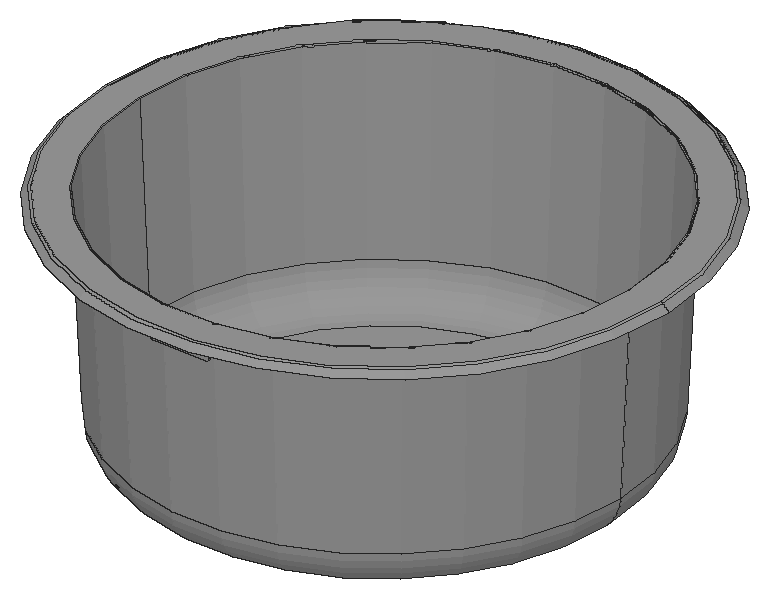
Revit family "Reece_Sink_Posh_Solus_Inset or Undermount Sink_Single Bowl_Round", category Plumbing Fixtures, host Face, Revit 2018
Family settings
  Host = Face
  Round Connector Dimension = Use Diameter
  Part Type = Normal
  Cut with Voids When Loaded = No
  Shared = Yes
  Room Calculation Point = Yes
Parameters (values of type "0 Taphole_Stainless Steel")
  WFU = 0  # constant formula
  URL = "https://www.reece.com.au/product/-9508917"
  Type Comments = "Undermount Sink"
  Reece_Sink_is_Undermount [instance] = no
  Reece_Sink_Undermount_Offset [instance] = 20 mm
  Reece_Sink_Undermount_Offset_formula [instance] = if(Reece_Sink_Undermount_Offset < 0 mm, 0 mm, if(Reece_Sink_is_Undermount, Reece_Sink_Undermount_Offset + Reece_Sink_Lip Thickness, 0 mm))  # 0 mm
  Reece_Sink_Type = 0 Taphole_No Drainer_Stainless Steel : No Taphole_No Drainer_Stainless Steel
  Reece_Sink_Outlet = 40 mm  # constant formula
  Reece_Sink_Lip Thickness = 5 mm  # constant formula
  Reece_Product_Web Page = "https://www.reece.com.au/product/-9508917"
  Reece_Product_Type = "Undermount Sink"  # constant formula
  Reece_Product_Sub Brand = "Solus"  # constant formula
  Reece_Product_Number = "9508917"
  Reece_Product_Mount = "Inset / Undermount"
  Reece_Product_Description = "Posh Solus Round Inset/Undermount Sink No Taphole 430mm Stainless Steel"
  Reece_Product_Brand = "Posh"  # constant formula
  Reece_Overall_Width = 430 mm  # constant formula
  Reece_Overall_Length = 430 mm  # constant formula
  Reece_Overall_Height = 180 mm  # constant formula
  Reece_Overall_Capacity = 17.00 L  # constant formula
  Reece_Material_Secondary = Reece_Metal_Steel
  Reece_Material_Main = Reece_Metal_Steel
  Reece_Detail_Installation = "Inset/ Undermount"  # constant formula
  Reece_Detail_Disclaimer = "THIS FILE IS THE PROPERTY OF THE REECE GROUP. IT MAY NOT BE REPRODUCED, REVERSE-ENGINEERED OR MODIFIED. ANY REPUBLICATION, TRANSMISSION OR DISTRIBUTION FOR THE PURPOSE OF COMMERCIALLY EXPLOITING THE FILES IS PROHIBITED."  # constant formula
  Reece_Detail_Connector = "No Taphole"  # constant formula
  Reece_Detail_Additional = "No Overflow"  # constant formula
  Model = "Solus"
  Manufacturer = "Posh"
  Keynote = "Product #9508917, Reece_Sink_Posh_Solus_Inset or Undermount Sink_Single Bowl_Round - 0 Taphole_Stainless Steel"
  HWFU = 0  # constant formula
  Disclaimer = "THIS FILE IS THE PROPERTY OF THE REECE GROUP. IT MAY NOT BE REPRODUCED, REVERSE-ENGINEERED OR MODIFIED. ANY REPUBLICATION, TRANSMISSION OR DISTRIBUTION FOR THE PURPOSE OF COMMERCIALLY EXPLOITING THE FILES IS PROHIBITED."  # constant formula
  Description = "Single Bowl\r\n\r\n"
  Default Elevation = 0 mm
  CWFU = 0  # constant formula
Reference planes
  plane 1 "Center (Front/Back)": y = -79.125
  plane 2 "Top of surface": z = 0
  plane 3 "Center (Left/Right)": x = 0
  plane 4 "Lip": z = 0
  plane 5 "Top of void": z = 10
  plane 6: z = -175
  plane 7: x = -215
  plane 8: x = 215
  plane 9: y = 135.875
  plane 10: y = -294.125
  plane 11 "Top of Sink": z = 5
  plane 12: z = -209.568
Forms (mm)
  Extrusion 1, void
    sketch origin (0, 0, 0) x (1, 0, 0) y (0, 1, 0)
      loop
        circle (0.047, -79.125) r 185.963
    from -209.568 to 0
Text (mm)
  text "Reece Copyright © 2018, Reece Ltd." at (-902.343, -740.328, 0), in view "Ref. Level"
  text "Reece ©" at (44.384, 258.95, 192.345), in view "Reece Preview"
Dimensions and locks
  "Reece_Sink_Undermount_Offset_formula": plane 2 "Top of surface" to plane 4 "Lip"
  locked: plane 5 "Top of void" to plane 2 "Top of surface" at 10
  "Reece_Overall_Length": plane 7 to plane 8
  "Reece_Overall_Width": plane 9 to plane 10
  "Reece_Overall_Height": plane 11 "Top of Sink" to plane 6
  locked: plane 11 "Top of Sink" to plane 4 "Lip" at 5
  locked: plane 6 to plane 12 at 34.568
  aligned and locked: plane 2 "Top of surface" to host face
  aligned and locked: level to host face
  aligned and locked: plane 3 "Center (Left/Right)" to nested 1
  aligned and locked: level to Extrusion 1
  aligned and locked: Extrusion 1 to plane 12
  aligned and locked: plane 2 "Top of surface" to Extrusion 1
Automatic sketch dimensions
  host sketch curve to host sketch curve = 801.051 mm
  host sketch curve to host sketch curve = 660.299 mm
  plane 1 "Center (Front/Back)" to Extrusion 1 sketch curve = 0 mm
  plane 3 "Center (Left/Right)" to Extrusion 1 sketch curve = 0.047 mm
  radius of Extrusion 1 sketch curve = 185.963 mm
Nested families
  nested 1: "0 Taphole_No Drainer_Stainless Steel" at (0, 0, 0), type <- "Reece_Sink_Type", Reece_Material_Main <- "Reece_Material_Main", Reece_Material_Secondary <- "Reece_Material_Secondary", type "No Taphole_No Drainer_Stainless Steel"
    with Reece_Material_Secondary Reece_Metal_Steel, Reece_Material_Main Reece_Metal_Steel
Connectors
  piping at (0.047, -79.125, -209.568), diameter 40, driven by "Reece_Sink_Outlet"
    settings: on nested 1, index 1, connector inside diameter 609.6 mm, connector length 0 mm, flow factor 0, pipe flow 0.0 L/s, pressure drop 0.0 Pa, fitting loss kfactor 0, connector angle 0.00°, fixture units 0, engagement length 0 mm, angle of deflection 0.00°, flow configuration 0, flow direction 2, fitting loss method 0, system type 16, joint type 0, gender type 0, connector reference index -1, connector utility 0, adjustable connector no, is connector primary yes, connector description ""
Definition of nested family "0 Taphole_No Drainer_Stainless Steel"
  Parameters (values of type "No Taphole_No Drainer_Stainless Steel")
    WFU = 0  # constant formula
    Reece_Sink_Outlet 1 = 40 mm  # constant formula
    Reece_Product_Web Page = "https://www.reece.com.au/product/-9508917"
    Reece_Product_Type = "Undermount Sink"  # constant formula
    Reece_Product_Sub Brand = "Solus"  # constant formula
    Reece_Product_Number = "9508917"
    Reece_Product_Mount = "Inset/ Undermount"  # constant formula
    Reece_Product_Description = "Single Bowl\r\n\r\n"  # constant formula
    Reece_Product_Brand = "Posh"  # constant formula
    Reece_Overall_Width = 430 mm  # constant formula
    Reece_Overall_Length = 430 mm  # constant formula
    Reece_Overall_Height = 180 mm  # constant formula
    Reece_Overall_Capacity = 17.00 L  # constant formula
    Reece_Material_Secondary [instance] = none
    Reece_Material_Main [instance] = none
    Reece_Detail_Installation = "Inset/ Undermount"  # constant formula
    Reece_Detail_Connector = "No Taphole"  # constant formula
    Reece_Detail_Additional = "No Overflow"  # constant formula
    HWFU = 0  # constant formula
    Default Elevation = 1000 mm
    CWFU = 0  # constant formula
  Reference planes
    plane 1 "Center (Front/Back)": y = -79.125
    plane 2 "Bottom": z = 0
    plane 3 "Center (Left/Right)": x = 0
    plane 4: y = 135.875
    plane 5: x = 215
    plane 6: x = -215
    plane 7: y = -294.125
    plane 8: z = -210.558
    plane 9: z = -180
    plane 10: z = 5
    plane 11: z = -175
  Forms (mm)
    Extrusion 1, solid
      sketch origin (619.2, -619.2, 0) x (1, 0, 0) y (0, 1, 0)
        loop
          line (-904.084, 839.2) -> (-904.084, 178.901) -> (-336.602, 178.901) -> (-336.602, 839.2) -> (-904.084, 839.2)
      from 0 to -216.096
    Sweep 2, solid, material <- "Reece_Material_Main"
      path origin (2.105, -18.968, 0) x (1, 0, 0) y (0, 1, 0)
        loop
          circle (-2.105, -60.156) r 185
      profile origin (0, 105.875, 0) x (0, -1, 0) y (0, 0, 1)
        loop
          line (50.875, -167.21) -> (37.452, -167.21)
          arc (37.452, -167.21) -> (16.801, -158.971) -> (7.493, -138.78) r 30
          line (7.493, -138.78) -> (0, 4.192)
          arc (0, 4.192) -> (-0.249, 4.764) -> (-0.827, 5) r 0.827
          line (-0.827, 5) -> (-23.964, 5)
          arc (-23.964, 5) -> (-24.921, 4.81) -> (-25.732, 4.268) r 2.5
          line (-25.732, 4.268) -> (-30, 0) -> (-28.586, 0) -> (-25.025, 3.561)
          arc (-25.025, 3.561) -> (-24.538, 3.886) -> (-23.964, 4) r 1.5
          line (-23.964, 4) -> (-0.991, 4) -> (6.494, -138.832)
          arc (6.494, -138.832) -> (16.113, -159.696) -> (37.452, -168.21) r 31
          line (37.452, -168.21) -> (50.875, -168.21) -> (50.875, -167.21)
    Extrusion 3, solid, material <- "Reece_Material_Main"
      sketch origin (-199.927, -100.044, 41.471) x (1, 0, 0) y (0, 1, 0)
        loop
          circle (199.927, 20.919) r 60
        loop
          circle (199.927, 20.919) r 134.125
      from -209.681 to -208.681
    Revolve 4, solid, material <- "Reece_Material_Main"
      sketch origin (0.047, -79.125, -28.01) x (1, 0, 0) y (0, 0, 1)
        loop
          line (18, -181.558) -> (20, -181.558) -> (20, -168.342)
          arc (20, -168.342) -> (33.772, -159.156) -> (45, -146.99) r 69.965
          line (45, -146.99) -> (42.511, -146.99)
          arc (42.511, -146.99) -> (31.445, -158.496) -> (18, -167.102) r 67.965
          line (18, -167.102) -> (18, -181.558)
        axis (0, -146.99) -> (0, -181.558)
      angle from 0 to 360
    Extrusion 5, void
      sketch origin (0.047, 0, 13.79) x (1, 0, 0) y (0, 1, 0)
        loop
          arc (-31.713, -77.625) -> (-33.213, -79.125) -> (-31.713, -80.625) r 1.5
          line (-31.713, -80.625) -> (-21.713, -80.625)
          arc (-21.713, -80.625) -> (-20.213, -79.125) -> (-21.713, -77.625) r 1.5
          line (-21.713, -77.625) -> (-31.713, -77.625)
        loop
          arc (-29.287, -66.869) -> (-31.21, -67.765) -> (-30.313, -69.688) r 1.5
          line (-30.313, -69.688) -> (-20.916, -73.108)
          arc (-20.916, -73.108) -> (-18.994, -72.212) -> (-19.89, -70.289) r 1.5
          line (-19.89, -70.289) -> (-29.287, -66.869)
        loop
          arc (-23.329, -57.591) -> (-25.442, -57.776) -> (-25.257, -59.889) r 1.5
          line (-25.257, -59.889) -> (-17.597, -66.317)
          arc (-17.597, -66.317) -> (-15.484, -66.132) -> (-15.669, -64.019) r 1.5
          line (-15.669, -64.019) -> (-23.329, -57.591)
        loop
          arc (-14.557, -50.911) -> (-16.606, -50.362) -> (-17.155, -52.411) r 1.5
          line (-17.155, -52.411) -> (-12.155, -61.071)
          arc (-12.155, -61.071) -> (-10.106, -61.62) -> (-9.557, -59.571) r 1.5
          line (-9.557, -59.571) -> (-14.557, -50.911)
        loop
          arc (-4.03, -47.633) -> (-5.767, -46.417) -> (-6.984, -48.154) r 1.5
          line (-6.984, -48.154) -> (-5.248, -58.002)
          arc (-5.248, -58.002) -> (-3.51, -59.219) -> (-2.293, -57.481) r 1.5
          line (-2.293, -57.481) -> (-4.03, -47.633)
        loop
          line (31.713, -77.625) -> (21.713, -77.625)
          arc (21.713, -77.625) -> (20.213, -79.125) -> (21.713, -80.625) r 1.5
          line (21.713, -80.625) -> (31.713, -80.625)
          arc (31.713, -80.625) -> (33.213, -79.125) -> (31.713, -77.625) r 1.5
        loop
          line (29.287, -66.869) -> (19.89, -70.289)
          arc (19.89, -70.289) -> (18.994, -72.212) -> (20.916, -73.108) r 1.5
          line (20.916, -73.108) -> (30.313, -69.688)
          arc (30.313, -69.688) -> (31.21, -67.765) -> (29.287, -66.869) r 1.5
        loop
          line (23.329, -57.591) -> (15.669, -64.019)
          arc (15.669, -64.019) -> (15.484, -66.132) -> (17.597, -66.317) r 1.5
          line (17.597, -66.317) -> (25.257, -59.889)
          arc (25.257, -59.889) -> (25.442, -57.776) -> (23.329, -57.591) r 1.5
        loop
          line (14.557, -50.911) -> (9.557, -59.571)
          arc (9.557, -59.571) -> (10.106, -61.62) -> (12.155, -61.071) r 1.5
          line (12.155, -61.071) -> (17.155, -52.411)
          arc (17.155, -52.411) -> (16.606, -50.362) -> (14.557, -50.911) r 1.5
        loop
          line (4.03, -47.633) -> (2.293, -57.481)
          arc (2.293, -57.481) -> (3.51, -59.219) -> (5.248, -58.002) r 1.5
          line (5.248, -58.002) -> (6.984, -48.154)
          arc (6.984, -48.154) -> (5.767, -46.417) -> (4.03, -47.633) r 1.5
        loop
          line (-29.287, -91.381) -> (-19.89, -87.96)
          arc (-19.89, -87.96) -> (-18.994, -86.038) -> (-20.916, -85.141) r 1.5
          line (-20.916, -85.141) -> (-30.313, -88.561)
          arc (-30.313, -88.561) -> (-31.21, -90.484) -> (-29.287, -91.381) r 1.5
        loop
          line (-23.329, -100.658) -> (-15.669, -94.23)
          arc (-15.669, -94.23) -> (-15.484, -92.117) -> (-17.597, -91.932) r 1.5
          line (-17.597, -91.932) -> (-25.257, -98.36)
          arc (-25.257, -98.36) -> (-25.442, -100.473) -> (-23.329, -100.658) r 1.5
        loop
          line (-14.557, -107.339) -> (-9.557, -98.678)
          arc (-9.557, -98.678) -> (-10.106, -96.629) -> (-12.155, -97.178) r 1.5
          line (-12.155, -97.178) -> (-17.155, -105.839)
          arc (-17.155, -105.839) -> (-16.606, -107.888) -> (-14.557, -107.339) r 1.5
        loop
          line (-4.03, -110.616) -> (-2.293, -100.768)
          arc (-2.293, -100.768) -> (-3.51, -99.03) -> (-5.248, -100.247) r 1.5
          line (-5.248, -100.247) -> (-6.984, -110.095)
          arc (-6.984, -110.095) -> (-5.767, -111.833) -> (-4.03, -110.616) r 1.5
        loop
          arc (29.287, -91.381) -> (31.21, -90.484) -> (30.313, -88.561) r 1.5
          line (30.313, -88.561) -> (20.916, -85.141)
          arc (20.916, -85.141) -> (18.994, -86.038) -> (19.89, -87.96) r 1.5
          line (19.89, -87.96) -> (29.287, -91.381)
        loop
          arc (23.329, -100.658) -> (25.442, -100.473) -> (25.257, -98.36) r 1.5
          line (25.257, -98.36) -> (17.597, -91.932)
          arc (17.597, -91.932) -> (15.484, -92.117) -> (15.669, -94.23) r 1.5
          line (15.669, -94.23) -> (23.329, -100.658)
        loop
          arc (14.557, -107.339) -> (16.606, -107.888) -> (17.155, -105.839) r 1.5
          line (17.155, -105.839) -> (12.155, -97.178)
          arc (12.155, -97.178) -> (10.106, -96.629) -> (9.557, -98.678) r 1.5
          line (9.557, -98.678) -> (14.557, -107.339)
        loop
          arc (4.03, -110.616) -> (5.767, -111.833) -> (6.984, -110.095) r 1.5
          line (6.984, -110.095) -> (5.248, -100.247)
          arc (5.248, -100.247) -> (3.51, -99.03) -> (2.293, -100.768) r 1.5
          line (2.293, -100.768) -> (4.03, -110.616)
      from -204.763 to -186.473
    Revolve 6, solid, material <- "Reece_Material_Secondary"
      sketch origin (0.047, -79.125, -28.72) x (1, 0, 0) y (0, 0, 1)
        loop
          line (0, -157.338) -> (16.998, -157.338)
          arc (16.998, -157.338) -> (28.197, -153.597) -> (34.898, -143.876) r 18.633
          line (34.898, -143.876) -> (36.003, -143.876) -> (36.003, -142.662) -> (47.722, -142.662) -> (50.998, -142.662) -> (50.998, -141.662) -> (35.604, -141.662)
          arc (35.604, -141.662) -> (35.179, -141.838) -> (35.003, -142.263) r 0.601
          line (35.003, -142.263) -> (35.003, -143.22)
          arc (35.003, -143.22) -> (34.5, -142.717) -> (33.998, -143.22) r 0.503
          arc (33.998, -143.22) -> (27.683, -152.565) -> (16.998, -156.172) r 17.633
          line (16.998, -156.172) -> (3.95, -156.172)
          arc (3.95, -156.172) -> (2.139, -149.549) -> (1.843, -142.689) r 30.745
          line (1.843, -142.689) -> (3.708, -142.689)
          arc (3.708, -142.689) -> (4.213, -142.254) -> (3.848, -141.696) r 0.506
          arc (3.848, -141.696) -> (1.942, -141.304) -> (0, -141.173) r 14.401
          line (0, -141.173) -> (0, -157.338)
        axis (0, -141.173) -> (0, -157.338)
      angle from 0 to 360
    Sweep 7, solid, material <- "Reece_Material_Main"
      path in 3D
        loop
          arc (-59.953, -79.125, -167.21) -> (0.047, -139.125, -167.21) -> (60.047, -79.125, -167.21) r 60
          arc (60.047, -79.125, -167.21) -> (0.047, -19.125, -167.21) -> (-59.953, -79.125, -167.21) r 60
      profile origin (-59.953, -79.125, -167.21) x (1, 0, 0) y (0, 0, 1)
        loop
          line (0, 0) -> (0, -0.8) -> (15, -7.79) -> (15, -6.928) -> (0, 0)
    Extrusion 8, solid, material <- "Reece_Material_Main"
      sketch origin (22.5, -272.372, 2.911) x (-1, 0, 0) y (0, 0, -1)
        loop
          arc (3, 19) -> (0.879, 18.121) -> (0, 16) r 3
          line (0, 16) -> (0, -1) -> (45, -1) -> (45, 16)
          arc (45, 16) -> (44.121, 18.121) -> (42, 19) r 3
          line (42, 19) -> (3, 19)
        loop
          arc (17, 11) -> (17.293, 10.293) -> (18, 10) r 1
          line (18, 10) -> (27, 10)
          arc (27, 10) -> (27.707, 10.293) -> (28, 11) r 1
          line (28, 11) -> (28, 14)
          arc (28, 14) -> (27.707, 14.707) -> (27, 15) r 1
          line (27, 15) -> (18, 15)
          arc (18, 15) -> (17.293, 14.707) -> (17, 14) r 1
          line (17, 14) -> (17, 11)
      from 0 to -1
    Extrusion 9, solid, material <- "Reece_Material_Main"
      sketch origin (156.734, 38.1, 2.911) x (0.5, -0.866025, 0) y (0, 0, -1)
        loop
          line (42, 19) -> (3, 19)
          arc (3, 19) -> (0.879, 18.121) -> (0, 16) r 3
          line (0, 16) -> (0, 1) -> (45, 1) -> (45, 16)
          arc (45, 16) -> (44.121, 18.121) -> (42, 19) r 3
        loop
          arc (18, 15) -> (17.293, 14.707) -> (17, 14) r 1
          line (17, 14) -> (17, 11)
          arc (17, 11) -> (17.293, 10.293) -> (18, 10) r 1
          line (18, 10) -> (27, 10)
          arc (27, 10) -> (27.707, 10.293) -> (28, 11) r 1
          line (28, 11) -> (28, 14)
          arc (28, 14) -> (27.707, 14.707) -> (27, 15) r 1
          line (27, 15) -> (18, 15)
      from 0 to -1
    Extrusion 10, solid, material <- "Reece_Material_Main"
      sketch origin (-156.734, 38.1, 2.911) x (-0.5, -0.866025, 0) y (0, 0, 1)
        loop
          arc (42, -19) -> (44.121, -18.121) -> (45, -16) r 3
          line (45, -16) -> (45, -1) -> (0, -1) -> (0, -16)
          arc (0, -16) -> (0.879, -18.121) -> (3, -19) r 3
          line (3, -19) -> (42, -19)
        loop
          line (18, -15) -> (27, -15)
          arc (27, -15) -> (27.707, -14.707) -> (28, -14) r 1
          line (28, -14) -> (28, -11)
          arc (28, -11) -> (27.707, -10.293) -> (27, -10) r 1
          line (27, -10) -> (18, -10)
          arc (18, -10) -> (17.293, -10.293) -> (17, -11) r 1
          line (17, -11) -> (17, -14)
          arc (17, -14) -> (17.293, -14.707) -> (18, -15) r 1
      from 0 to -1
  Cuts and joins
    Extrusion 5 cuts Revolve 6
    joined: Sweep 2, Extrusion 3
  Lines and regions (mm)
    sketch lines
      curve 1: arc (60.047, -79.125, -167.21) -> (0.047, -19.125, -167.21) -> (-59.953, -79.125, -167.21) r 60
      curve 2: arc (-59.953, -79.125, -167.21) -> (0.047, -139.125, -167.21) -> (60.047, -79.125, -167.21) r 60
  Text (mm)
    text "Reece Copyright © 2018, Reece Ltd." at (-902.343, -740.328, 0), in view "Ref. Level"
    text "Reece ©" at (44.384, 258.95, 192.345), in view "Reece Preview"
  Dimensions and locks
    equal spacing: plane 6, plane 3 "Center (Left/Right)", plane 5
    "Reece_Overall_Width": plane 6 to plane 5
    "Reece_Overall_Length": plane 4 to plane 7
    equal spacing: plane 4, plane 1 "Center (Front/Back)", plane 7
    plane 2 "Bottom" to plane 9 = 180 mm
    plane 10 to plane 11 = 180 mm
    plane 10 to plane 2 "Bottom" = 5 mm  (x2)
    plane 11 to plane 10 = 180 mm
    aligned and locked: plane 2 "Bottom" to Extrusion 1
    aligned and locked: level to Extrusion 1
  Automatic sketch dimensions
    Extrusion 1 sketch curve to Extrusion 1 sketch curve = 567.482 mm
    Extrusion 1 sketch curve to Extrusion 1 sketch curve = 660.299 mm
    plane 1 "Center (Front/Back)" to Sweep 2 sketch curve = 0 mm
    Sweep 2 sketch curve to plane 3 "Center (Left/Right)" = 0 mm
    Extrusion 3 sketch curve to Extrusion 3 sketch curve = 0 mm  (x2)
    plane 1 "Center (Front/Back)" to Extrusion 3 sketch curve = 0 mm
    Extrusion 3 sketch curve to plane 3 "Center (Left/Right)" = 0 mm  (x2)
    Extrusion 3 sketch curve to plane 1 "Center (Front/Back)" = 0 mm
    Extrusion 3 sketch curve to plane 6 = 80.875 mm
    Revolve 4 sketch curve to Revolve 4 sketch curve = 0 mm  (x2)
    plane 9 to Revolve 4 sketch curve = 5 mm
    Revolve 4 sketch curve to plane 3 "Center (Left/Right)" = 11.62 mm
    plane 8 to Revolve 4 sketch curve = 0.99 mm
    plane 3 "Center (Left/Right)" to Revolve 4 sketch curve = 18.047 mm
    Revolve 4 sketch curve to Revolve 4 sketch curve = 2 mm
    Revolve 4 sketch curve to Revolve 4 sketch curve = 22.511 mm
    Revolve 4 sketch curve to Revolve 4 sketch curve = 2.489 mm
    plane 8 to Revolve 4 sketch curve = 14.206 mm
    plane 3 "Center (Left/Right)" to Revolve 4 sketch curve = 0.047 mm
    plane 9 to Revolve 4 sketch curve = 1.99 mm
    plane 9 to Revolve 4 sketch curve = 12.981 mm
    plane 1 "Center (Front/Back)" to Extrusion 5 sketch curve = 0 mm  (x2)
    Extrusion 5 sketch curve to plane 1 "Center (Front/Back)" = 1.5 mm  (x2)
    Extrusion 5 sketch curve to plane 3 "Center (Left/Right)" = 31.666 mm
    Extrusion 5 sketch curve to plane 1 "Center (Front/Back)" = 9.437 mm  (x2)
    Extrusion 5 sketch curve to Extrusion 5 sketch curve = 1.399 mm  (x3)
    plane 1 "Center (Front/Back)" to Extrusion 5 sketch curve = 9.437 mm  (x2)
    Extrusion 5 sketch curve to Extrusion 5 sketch curve = 0.513 mm  (x16)
    plane 1 "Center (Front/Back)" to Extrusion 5 sketch curve = 12.256 mm  (x2)
    Extrusion 5 sketch curve to plane 1 "Center (Front/Back)" = 12.256 mm  (x2)
    Extrusion 5 sketch curve to Extrusion 5 sketch curve = 4.03 mm  (x4)
    Extrusion 5 sketch curve to Extrusion 5 sketch curve = 0.964 mm  (x16)
    Extrusion 5 sketch curve to Extrusion 5 sketch curve = 10 mm
    Extrusion 5 sketch curve to plane 1 "Center (Front/Back)" = 6.017 mm  (x2)
    Extrusion 5 sketch curve to Extrusion 5 sketch curve = 0.796 mm  (x3)
    plane 1 "Center (Front/Back)" to Extrusion 5 sketch curve = 6.017 mm  (x2)
    Extrusion 5 sketch curve to plane 1 "Center (Front/Back)" = 8.836 mm  (x2)
    plane 1 "Center (Front/Back)" to Extrusion 5 sketch curve = 8.836 mm  (x2)
    Extrusion 5 sketch curve to Extrusion 5 sketch curve = 2.293 mm  (x4)
    Extrusion 5 sketch curve to Extrusion 5 sketch curve = 6.174 mm  (x4)
    Extrusion 5 sketch curve to Extrusion 5 sketch curve = 1.299 mm  (x16)
    Extrusion 5 sketch curve to Extrusion 5 sketch curve = 3.513 mm  (x4)
    Extrusion 5 sketch curve to plane 3 "Center (Left/Right)" = 6.937 mm  (x2)
    Extrusion 5 sketch curve to Extrusion 5 sketch curve = 1.477 mm  (x16)
    Extrusion 5 sketch curve to Extrusion 5 sketch curve = 4.31 mm  (x4)
    plane 3 "Center (Left/Right)" to Extrusion 5 sketch curve = 2.34 mm  (x2)
    plane 3 "Center (Left/Right)" to Extrusion 5 sketch curve = 4.076 mm  (x2)
    Extrusion 5 sketch curve to Extrusion 5 sketch curve = 7.573 mm  (x2)
    Extrusion 5 sketch curve to Extrusion 5 sketch curve = 3.972 mm  (x4)
    Extrusion 5 sketch curve to Extrusion 5 sketch curve = 1.149 mm  (x8)
    Extrusion 5 sketch curve to Extrusion 5 sketch curve = 2.948 mm  (x4)
    Extrusion 5 sketch curve to Extrusion 5 sketch curve = 0.75 mm  (x8)
    Extrusion 5 sketch curve to Extrusion 5 sketch curve = 6.98 mm  (x4)
    Extrusion 5 sketch curve to Extrusion 5 sketch curve = 1.569 mm  (x4)
    Extrusion 5 sketch curve to Extrusion 5 sketch curve = 0.26 mm  (x8)
    Extrusion 5 sketch curve to Extrusion 5 sketch curve = 5.18 mm  (x4)
    Extrusion 5 sketch curve to Extrusion 5 sketch curve = 2.756 mm  (x4)
    plane 3 "Center (Left/Right)" to Revolve 6 sketch curve = 0.047 mm  (x2)
    plane 3 "Center (Left/Right)" to Revolve 6 sketch curve = 1.889 mm
    Revolve 6 sketch curve to Revolve 6 sketch curve = 1.865 mm
    Revolve 6 sketch curve to Revolve 6 sketch curve = 0.005 mm
    Revolve 6 sketch curve to Revolve 6 sketch curve = 3.95 mm
    plane 9 to Revolve 6 sketch curve = 12.741 mm
    Revolve 6 sketch curve to Revolve 6 sketch curve = 13.285 mm
    Revolve 6 sketch curve to Revolve 6 sketch curve = 0 mm
    plane 9 to Revolve 6 sketch curve = 6.479 mm
    Revolve 6 sketch curve to Revolve 6 sketch curve = 15.518 mm
    Revolve 6 sketch curve to Revolve 6 sketch curve = 1.985 mm
    Revolve 6 sketch curve to Revolve 6 sketch curve = 0.398 mm
    Revolve 6 sketch curve to Revolve 6 sketch curve = 0.503 mm
    Revolve 6 sketch curve to Revolve 6 sketch curve = 0.601 mm
    Revolve 6 sketch curve to Revolve 6 sketch curve = 1.104 mm
    plane 9 to Revolve 6 sketch curve = 8.619 mm
    Revolve 6 sketch curve to Revolve 6 sketch curve = 11.719 mm
    Revolve 6 sketch curve to Revolve 6 sketch curve = 3.275 mm
    Revolve 6 sketch curve to plane 9 = 4.294 mm
    Revolve 6 sketch curve to Revolve 6 sketch curve = 0.598 mm
    Revolve 6 sketch curve to Revolve 6 sketch curve = 1.764 mm
    Revolve 6 sketch curve to Revolve 6 sketch curve = 0.656 mm
    Revolve 6 sketch curve to Revolve 6 sketch curve = 0.399 mm
    Revolve 6 sketch curve to Revolve 6 sketch curve = 0.506 mm
    Revolve 6 sketch curve to Revolve 6 sketch curve = 1.516 mm
    plane 9 to Revolve 6 sketch curve = 1.28 mm
    Revolve 6 sketch curve to Revolve 6 sketch curve = 2.163 mm
    profile plane to Sweep 7 sketch curve = 0 mm
    Sweep 7 sketch curve to profile plane = 0 mm
    Sweep 7 sketch curve to profile plane = 0.8 mm
    Sweep 7 sketch curve to profile plane = 7.79 mm
    Sweep 7 sketch curve to profile plane = 15 mm
    Sweep 7 sketch curve to Sweep 7 sketch curve = 0 mm  (x2)
    Sweep 7 sketch curve to profile plane = 6.928 mm
    Extrusion 8 sketch curve to Extrusion 8 sketch curve = 1 mm  (x3)
    Extrusion 9 sketch curve to Extrusion 9 sketch curve = 1 mm  (x3)
    level to Extrusion 10 sketch curve = 1.911 mm
    Extrusion 10 sketch curve to Extrusion 10 sketch curve = 3 mm  (x3)
    Extrusion 10 sketch curve to Extrusion 10 sketch curve = 14 mm  (x2)
    Extrusion 10 sketch curve to Extrusion 10 sketch curve = 1 mm  (x3)
    Extrusion 10 sketch curve to Extrusion 10 sketch curve = 9 mm
    Extrusion 10 sketch curve to Extrusion 10 sketch curve = 0 mm
    Extrusion 10 sketch curve to level = 7.089 mm
    Extrusion 10 sketch curve to level = 13.089 mm
    plane 10 to Extrusion 8 sketch curve = 1.089 mm
    plane 3 "Center (Left/Right)" to Extrusion 8 sketch curve = 22.5 mm
    Extrusion 8 sketch curve to Extrusion 8 sketch curve = 3 mm  (x3)
    plane 3 "Center (Left/Right)" to Extrusion 8 sketch curve = 5.5 mm
    Extrusion 8 sketch curve to plane 3 "Center (Left/Right)" = 4.5 mm
    Extrusion 8 sketch curve to Extrusion 8 sketch curve = 0 mm
    Extrusion 8 sketch curve to Extrusion 8 sketch curve = 14 mm
    Extrusion 8 sketch curve to level = 7.089 mm
    Extrusion 8 sketch curve to level = 13.089 mm
    level to Extrusion 9 sketch curve = 1.911 mm
    Extrusion 9 sketch curve to Extrusion 9 sketch curve = 3 mm  (x3)
    Extrusion 9 sketch curve to Extrusion 9 sketch curve = 14 mm  (x2)
    Extrusion 9 sketch curve to Extrusion 9 sketch curve = 9 mm
    Extrusion 9 sketch curve to Extrusion 9 sketch curve = 0 mm
    Extrusion 9 sketch curve to level = 7.089 mm
    Extrusion 9 sketch curve to level = 13.089 mm
    Sweep 2 sketch curve to Sweep 2 sketch curve = 0 mm  (x4)
    Sweep 2 sketch curve to profile plane = 0 mm  (x2)
    profile plane to Sweep 2 sketch curve = 0.827 mm
    Sweep 2 sketch curve to Sweep 2 sketch curve = 0.165 mm
    profile plane to Sweep 2 sketch curve = 5 mm
    Sweep 2 sketch curve to Sweep 2 sketch curve = 22.973 mm
    profile plane to Sweep 2 sketch curve = 3.561 mm
    Sweep 2 sketch curve to Sweep 2 sketch curve = 1.061 mm
    profile plane to Sweep 2 sketch curve = 4.268 mm
    Sweep 2 sketch curve to Sweep 2 sketch curve = 0.707 mm
    Sweep 2 sketch curve to Sweep 2 sketch curve = 3.561 mm
    Sweep 2 sketch curve to Sweep 2 sketch curve = 1.414 mm
    Sweep 2 sketch curve to profile plane = 6.494 mm
    Sweep 2 sketch curve to Sweep 2 sketch curve = 0.999 mm
    Sweep 2 sketch curve to profile plane = 37.452 mm
    Sweep 2 sketch curve to Sweep 2 sketch curve = 13.424 mm
    Sweep 2 sketch curve to profile plane = 137.21 mm
    Sweep 2 sketch curve to Sweep 2 sketch curve = 1.622 mm
    Sweep 2 sketch curve to Sweep 2 sketch curve = 0.052 mm
    Sweep 2 sketch curve to Sweep 2 sketch curve = 0.173 mm
    radius of Sweep 2 sketch curve = 185 mm
    radius of Extrusion 3 sketch curve = 60 mm
  Connectors
    piping at (0.047, -79.125, -209.568), diameter 40, driven by "Reece_Sink_Outlet 1"
      settings: on Revolve 4, index 1, connector inside diameter 609.6 mm, connector length 0 mm, flow factor 0, pipe flow 0.0 L/s, pressure drop 0.0 Pa, fitting loss kfactor 0, connector angle 0.00°, fixture units 0, engagement length 0 mm, angle of deflection 0.00°, flow configuration 0, flow direction 0, fitting loss method 0, system type 7, joint type 0, gender type 0, connector reference index -1, connector utility 0, adjustable connector no, is connector primary yes, connector description ""
